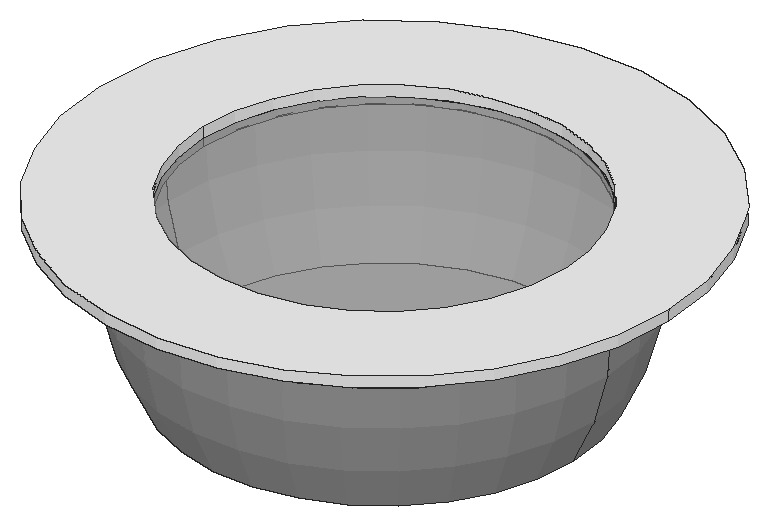
Revit family "3033921 Lighting Fixture_Sylvania_Insaver 150 HE Topper LED_Ceiling Recessed", category Lighting Fixtures, host Face, Revit 2017
Family settings
  Host = Face
  Round Connector Dimension = Use Diameter
  Part Type = Normal
  OmniClass Number = 23.80.70.11.17
  OmniClass Title = Specialized Lighting by Location or Use
  Cut with Voids When Loaded = No
  Light Source = Yes
  Shared = No
  Room Calculation Point = No
Parameters (values of type "Insaver 150 HE Topper LED WW Plus3")
  Weight = 0.80 kg  # constant formula
  Wattage = 8 W
  built-in parameter 1150110 = 1 (stored number, unit not read)
  Voltage Comments = "UNV (Universal Voltage; 220-240 Volt)"  # constant formula
  Voltage = 240 V  # constant formula
  URL = "http://www.sylvania-lighting.com"
  built-in parameter 1114217 = 1 (stored number, unit not read)
  Tilt Angle = -90.00°  # constant formula
  built-in parameter 1150109 = 1 (stored number, unit not read)
  built-in parameter 1150134 = (empty or 0)
  built-in parameter 1150113 = 1 (stored number, unit not read)
  Reflector Material = Polycarbonate_Sylvania_Insaver HE Topper LED_Silver
  Recessed Depth = Height  # 46.0 mm
  Radius = Diameter / 2  # 82.5 mm
  Product Page URL = "http://www.sylvania-lighting.com/product/en-int/products/3033921"
  Product Family = "Insaver HE Topper LED"  # constant formula
  Photometry Comments = ""
  Photometric Web File = "3033922_Insaver150HETopperLEDWWPlus3-182969.ies"
  built-in parameter 1150105 = 310.88 (stored number, unit not read)
  Lumens = 480 lm
  built-in parameter 1150115 = 1 (stored number, unit not read)
  built-in parameter 1150137 = (empty or 0)
  built-in parameter 1150139 = (empty or 0)
  Life = "50 000"  # constant formula
  built-in parameter 1150112 = 1 (stored number, unit not read)
  built-in parameter 1150114 = 1 (stored number, unit not read)
  Lamp Comments = "Integrated LED"
  built-in parameter 1150132 = 2
  built-in parameter 1150102 = (empty or 0)
  built-in parameter 1150107 = 3000 (stored number, unit not read)
  built-in parameter 1150138 = (empty or 0)
  built-in parameter 1150106 = 3.1088 (stored number, unit not read)
  Glow Wire Test = 650 °C  # constant formula
  Emit from Circle Diameter = Diffuser Diameter  # 105.0 mm
  Emit Shape Visible in Rendering = no
  built-in parameter 1150104 = 5.5742 (stored number, unit not read)
  Drive Current = "350mA"  # constant formula
  Dimming Lamp Color Temperature Shift = <None>
  Diffuser Radius = Diffuser Diameter / 2  # 52.5 mm
  Diffuser Diameter = Diameter - 60.0 mm  # 105.0 mm
  Cutout Diameter = 145.0 mm
  Color Filter = 16777215
  Brace Outer Diameter = Cutout Diameter - 5.0 mm  # 140.0 mm
  Brace Inner Diameter = Brace Outer Diameter - 8.0 mm  # 132.0 mm
  Beam Angle = "64-69"  # constant formula
  built-in parameter 1114218 = 1 (stored number, unit not read)
  built-in parameter 1150133 = 10 (stored number, unit not read)
  IP Rating = "IP44"  # constant formula
  Height = 46.0 mm
  built-in parameter 1114216 [instance] = 1 (stored number, unit not read)
  Model = "3033922 Insaver 150 HE Topper LED WW Plus3"
  Manufacturer = "Feilo Sylvania"  # constant formula
  Lamp = "LED"
  Diffuser Material = Polycarbonate_Sylvania_Insaver HE Topper LED_Opal
  Description = "8W & 9W LED white downlight. Ideal for applications such as bathrooms, washrooms or public toilets. IP44 rating allows for installation in applicable zone 1 wet areas. Insaver HE Topper LED with sensor 4,000K delivers 604lm (luminaire lumen output), equating to 76lm/W (total system efficiency). Insaver HE Topper LED can integrate Sylvania PIR sensor and / or Plus3. Sylvania PIR sensor helps you cut energy costs by up to 60%, reduces carbon emissions and helps you comply with carbon reduction legislation and building regulations. Recessed diffuser for an improved visual comfort. Warm white (3,000K) or Neutral white (4,000K). Quick and easy to install. LED lifetime: 50,000 hours. Energy Class: A++, A+, A. LED technology provides an energy efficient solution with reduced maintenance costs"  # constant formula
  Default Elevation = 0.0 mm
  built-in parameter 1140040 [instance] = 1
  Assembly Code = "D5020200"
  Apparent Load Comments = ""
  Apparent Load = 8 VA
  Accessory Material = Aluminum_Sylvania_Insaver HE Topper LED_White
  Diameter = Cutout Diameter + 20.0 mm  # 165.0 mm
Types (8, lengths in mm): name | Wattage | built-in parameter 1150134 | Photometric Web File | built-in parameter 1150105 | Lumens | built-in parameter 1150107 | built-in parameter 1150106 | Model
  Insaver 150 HE Topper LED WW | 8 W | (empty or 0) | "3033918_Insaver150HETopperLEDWW-182926.ies" | 310.88 (stored number, unit not read) | 480 lm | 3000 (stored number, unit not read) | 3.1088 (stored number, unit not read) | "3033918 Insaver 150 HE Topper LED WW"
  Insaver 150 HE Topper LED NW | 10.0667 W | 12 | "3033919_Insaver150HETopperLEDNW-182937.ies" | 391.19 (stored number, unit not read) | 604 lm | 4000 (stored number, unit not read) | 3.9119 (stored number, unit not read) | "3033919 Insaver 150 HE Topper LED NW"
  Insaver 150 HE Topper LED WW PIR | 8 W | (empty or 0) | "3033920_Insaver150HETopperLEDWWPIR-182948.ies" | 310.88 (stored number, unit not read) | 480 lm | 3000 (stored number, unit not read) | 3.1088 (stored number, unit not read) | "3033920 Insaver 150 HE Topper LED WW PIR"
  Insaver 150 HE Topper LED NW PIR Plus3 | 10.0667 W | 12 | "3033925_Insaver150HETopperLEDNWPIRPlus3-182999.ies" | 391.19 (stored number, unit not read) | 604 lm | 4000 (stored number, unit not read) | 3.9119 (stored number, unit not read) | "3033925 Insaver 150 HE Topper LED NW PIR Plus3"
  Insaver 150 HE Topper LED WW Plus3 | 8 W | (empty or 0) | "3033922_Insaver150HETopperLEDWWPlus3-182969.ies" | 310.88 (stored number, unit not read) | 480 lm | 3000 (stored number, unit not read) | 3.1088 (stored number, unit not read) | "3033922 Insaver 150 HE Topper LED WW Plus3"
  Insaver 150 HE Topper LED NW Plus3 | 10.0667 W | 12 | "3033923_Insaver150HETopperLEDNWPlus3-182979.ies" | 391.19 (stored number, unit not read) | 604 lm | 4000 (stored number, unit not read) | 3.9119 (stored number, unit not read) | "3033923 Insaver 150 HE Topper LED NW Plus3"
  Insaver 150 HE Topper LED NW PIR | 10.0667 W | 12 | "3033921_Insaver150HETopperLEDNWPIR-182959.ies" | 391.19 (stored number, unit not read) | 604 lm | 4000 (stored number, unit not read) | 3.9119 (stored number, unit not read) | "3033921 Insaver 150 HE Topper LED NW PIR"
  Insaver 150 HE Topper LED WW PIR Plus3 | 8 W | (empty or 0) | "3033924_Insaver150HETopperLEDWWPIRPlus3-182989.ies" | 310.88 (stored number, unit not read) | 480 lm | 3000 (stored number, unit not read) | 3.1088 (stored number, unit not read) | "3033924 Insaver 150 HE Topper LED WW PIR Plus3"
Reference planes
  plane 1 "Center (Front/Back)": y = 0
  plane 2: z = 0
  plane 3 "Center (Left/Right)": x = 0
  plane 4 "Fixture Top": z = -46
  plane 5 "Fixture Bottom": z = 3
  plane 6 "Brace Top": z = -7.043
  plane 7 "Diffuser Top": z = -2
Forms (mm)
  Extrusion 1, void
    sketch origin (0, 0, 58) x (-1, 0, 0) y (0, -1, 0)
      loop
        circle (0, 0) r 72.5
    from -104 to -55
  Extrusion 2, solid, material "Aluminum_Sylvania_Insaver HE Topper LED_White" <- "Accessory Material", detail levels fine
    sketch origin (0, 0, 58) x (-1, 0, 0) y (0, -1, 0)
      loop
        circle (0, 0) r 82.5
      loop
        circle (0, 0) r 52.5
    from -58 to -55
  Extrusion 3, solid, material "Aluminum_Sylvania_Insaver HE Topper LED_White" <- "Accessory Material", detail levels fine
    sketch origin (0, 0, 58) x (-1, 0, 0) y (0, -1, 0)
      loop
        circle (0, 0) r 70
      loop
        circle (0, 0) r 66
    from -65.043 to -58
  Extrusion 4, solid, material "Polycarbonate_Sylvania_Insaver HE Topper LED_Opal" <- "Diffuser Material", detail levels fine
    sketch origin (0, 0, 58) x (-1, 0, 0) y (0, -1, 0)
      loop
        circle (0, 0) r 52.5
    from -60 to -58
  Revolve 5, solid, material "Polycarbonate_Sylvania_Insaver HE Topper LED_Silver" <- "Reflector Material", detail levels fine
    sketch origin (0, 0, 0) x (1, 0, 0) y (0, 0, 1)
      loop
        line (-52.5, 0) -> (-66, 0) -> (-66, -7.043)
        arc (-66, -7.043) -> (-63.197, -27.283) -> (-55, -46) r 74.484
        line (-55, -46) -> (0, -46) -> (0, -44) -> (-53.871, -44)
        arc (-53.871, -44) -> (-61.422, -26.203) -> (-64, -7.043) r 72.484
        line (-64, -7.043) -> (-64, -2) -> (-52.5, -2) -> (-52.5, 0)
      axis (0, 0) -> (0, -46)
    angle from 0 to 360
  Revolve 6, solid, material "Aluminum_Sylvania_Insaver HE Topper LED_White" <- "Accessory Material", detail levels coarse+medium
    sketch origin (0, 0, 0) x (1, 0, 0) y (0, 0, 1)
      loop
        line (-82.5, 3) -> (-82.5, 0) -> (-70, 0) -> (-70, -7.043) -> (-66, -7.043)
        arc (-66, -7.043) -> (-63.34, -27.324) -> (-55, -46) r 70.874
        line (-55, -46) -> (0, -46) -> (0, 3) -> (-82.5, 3)
      axis (0, 3) -> (0, -46)
    angle from 0 to 360
Cuts and joins
  joined: Extrusion 2, Extrusion 3
Dimensions and locks
  locked: plane 5 "Fixture Bottom" to plane 2 at 3
  locked: plane 5 "Fixture Bottom" to plane 6 "Brace Top" at 10.043
  locked: plane 2 to plane 7 "Diffuser Top" at 2
  locked: Revolve 5 sketch curve to Revolve 5 sketch curve at 13.5
  locked: Revolve 5 sketch curve to Revolve 5 sketch curve at 2  (x2)
  "Diffuser Radius": plane 3 "Center (Left/Right)" to Revolve 5 sketch curve
  "Height": plane 2 to plane 4 "Fixture Top"
  "Radius": plane 3 "Center (Left/Right)" to Revolve 6 sketch curve
  locked: Revolve 6 sketch curve to Revolve 6 sketch curve at 12.5
  locked: Revolve 6 sketch curve to Revolve 6 sketch curve at 4
  locked: Revolve 6 sketch curve to Revolve 6 sketch curve at 27.5
  "Cutout Diameter": diameter of Extrusion 1 sketch curve
  "Diameter": diameter of Extrusion 2 sketch curve
  "Diffuser Diameter": diameter of Extrusion 2 sketch curve
  "Brace Outer Diameter": diameter of Extrusion 3 sketch curve
  "Brace Inner Diameter": diameter of Extrusion 3 sketch curve
  "Diffuser Diameter": diameter of Extrusion 4 sketch curve
  aligned and locked: host face to level
  aligned and locked: level to plane 2
  aligned and locked: Extrusion 2 to plane 2
  aligned and locked: plane 5 "Fixture Bottom" to Extrusion 2
  aligned and locked: Extrusion 3 to plane 6 "Brace Top"
  aligned and locked: level to Extrusion 3
  aligned and locked: Extrusion 4 to plane 7 "Diffuser Top"
  aligned and locked: plane 2 to Extrusion 4
  aligned and locked: plane 4 "Fixture Top" to Revolve 5 sketch curve
  aligned and locked: plane 7 "Diffuser Top" to Revolve 5 sketch curve
  aligned and locked: plane 2 to Revolve 5 sketch curve
  aligned and locked: Revolve 5 sketch curve to plane 3 "Center (Left/Right)"
  aligned and locked: plane 5 "Fixture Bottom" to Extrusion 1
  aligned and locked: plane 4 "Fixture Top" to Extrusion 1
  aligned and locked: plane 3 "Center (Left/Right)" to Revolve 6 sketch curve
  aligned and locked: plane 4 "Fixture Top" to Revolve 6 sketch curve
  aligned and locked: Revolve 6 sketch curve to plane 6 "Brace Top"
  aligned and locked: Revolve 6 sketch curve to plane 2
  aligned and locked: Revolve 6 sketch curve to plane 5 "Fixture Bottom"
  aligned and locked: Revolve 6 sketch curve to plane 3 "Center (Left/Right)"
  aligned and locked: imposter light to plane 3 "Center (Left/Right)"
  aligned and locked: imposter light to plane 5 "Fixture Bottom"
  aligned and locked: imposter light to plane 1 "Center (Front/Back)"
Automatic sketch dimensions
  host sketch curve to host sketch curve = 700.0 mm
  host sketch curve to host sketch curve = 620.0 mm
  plane 1 "Center (Front/Back)" to Extrusion 1 sketch curve = 0.0 mm
  Extrusion 1 sketch curve to plane 3 "Center (Left/Right)" = 0.0 mm
  Extrusion 2 sketch curve to Extrusion 2 sketch curve = 0.0 mm  (x2)
  plane 1 "Center (Front/Back)" to Extrusion 2 sketch curve = 0.0 mm
  Extrusion 2 sketch curve to plane 3 "Center (Left/Right)" = 0.0 mm
  Extrusion 3 sketch curve to Extrusion 3 sketch curve = 0.0 mm  (x2)
  plane 1 "Center (Front/Back)" to Extrusion 3 sketch curve = 0.0 mm
  Extrusion 3 sketch curve to plane 3 "Center (Left/Right)" = 0.0 mm
  plane 1 "Center (Front/Back)" to Extrusion 4 sketch curve = 0.0 mm
  Extrusion 4 sketch curve to plane 3 "Center (Left/Right)" = 0.0 mm
  Revolve 5 sketch curve to Revolve 5 sketch curve = 0.0 mm  (x2)
  Revolve 5 sketch curve to plane 3 "Center (Left/Right)" = 0.0 mm
  Revolve 5 sketch curve to plane 6 "Brace Top" = 0.0 mm
  Revolve 5 sketch curve to Revolve 5 sketch curve = 9.0 mm
  plane 4 "Fixture Top" to Revolve 5 sketch curve = 48.097 mm
  plane 5 "Fixture Bottom" to Revolve 5 sketch curve = 53.903 mm
  Revolve 6 sketch curve to plane 6 "Brace Top" = 1.021 mm
  plane 4 "Fixture Top" to Revolve 6 sketch curve = 72.33 mm
  Revolve 6 sketch curve to Revolve 6 sketch curve = 53.67 mm
Connectors
  electrical at (0, 0, -46), driven by "Voltage", driven by "Apparent Load"
    settings: on Revolve 5, index 1, voltage 240 V, apparent load 0 VA, apparent load phase1 8 VA, apparent load phase2 0 VA, apparent load phase3 0 VA, power factor 1, load classification "Lighting", number of poles 1, system type 31, power factor state 1, is connector primary yes, connector utility no, sub classification motor no, connector description ""
